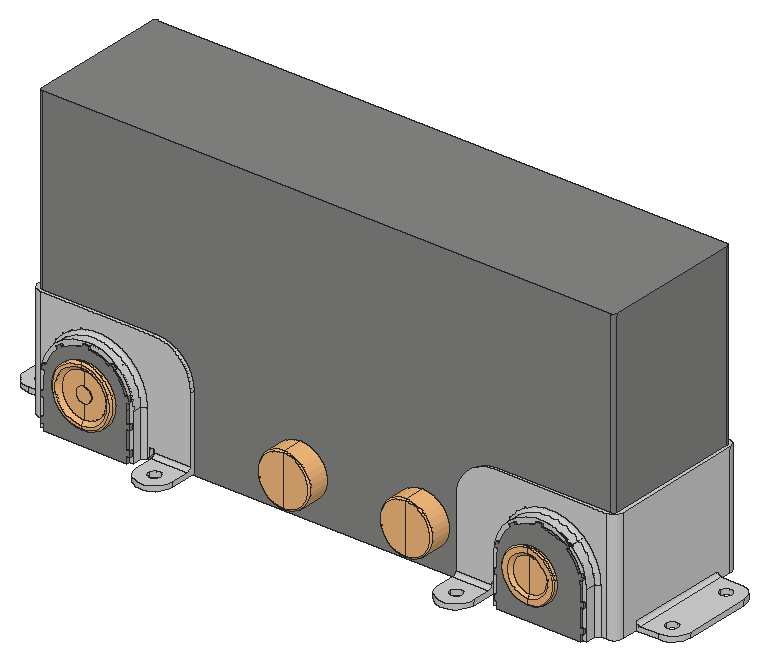
Revit family "Faucet-Valves_and_Controls-KALLISTA-P34724", category Plumbing Fixtures, host Face, Revit 2021
Family settings
  Host = Face
  Round Connector Dimension = Use Diameter
  Part Type = Normal
  OmniClass Number = 23.27.31.00
  OmniClass Title = Valves
  Cut with Voids When Loaded = No
  Shared = No
  Room Calculation Point = No
Parameters (values of type "NA-Stainless")
  Width = 13 245/256"  # constant formula
  WaterSense Certified = 1 = 0  # no
  Tempered Water Outlet 3 Up [instance] = yes
  Tempered Water Outlet 3 Down [instance] = not(Tempered Water Outlet 3 Up)  # no
  Tempered Water Outlet 3 = "Tempered Water Outlet 3"  # constant formula
  Tempered Water Outlet 2 Up [instance] = yes
  Tempered Water Outlet 2 Down [instance] = not(Tempered Water Outlet 2 Up)  # no
  Tempered Water Outlet 2 = "Tempered Water Outlet 2 "  # constant formula
  Tempered Water Outlet 1 = "Tempered Water Outlet 1 "  # constant formula
  Waste Connection = 1 = 0  # no
  Vent Connection = 1 = 0  # no
  URL = "https://www.kallista.com/"
  Type = 1
  Tempered Water Outlet 1 Up [instance] = yes
  Tempered Water Outlet 1 Down [instance] = not(Tempered Water Outlet 1 Up)  # no
  Product Page URL = ""
  Product Name = ""
  Product Documentation Link = ""
  Pressure = 60.00 psi  # constant formula
  Model = "P34724-00-NA"  # constant formula
  Material = "Premium Metal Construction"  # constant formula
  Master Format 2014 Name = "Control Valves"  # constant formula
  Master Format 2014 = "23 09 13.33"  # constant formula
  Manufacturer Address = "444 Highland Dr, Kohler, WI 53044"  # constant formula
  Manufacturer = "Kohler Co."  # constant formula
  Length = 6 13/128"  # constant formula
  Hot Water Inlet = "Hot Water Inlet"  # constant formula
  Height = 4 113/128"  # constant formula
  HW Connection = 1 = 1  # yes
  Flow Rate = 11 GPM  # constant formula
  Finish = Kallista-Metal-NA-Stainless
  Environmental Product Declaration = ""
  Description = "Recessed Thermostatic Valve 3 Outlet"  # constant formula
  Default Elevation = 36"
  Declare Label = ""
  Date Modified = "08/03/2022"  # constant formula
  Date Created = "08/03/2022"  # constant formula
  Copyright = "Copyright Kohler Co."  # constant formula
  Contact Us = "https://www.kallista.com/corporate/contact-us/"
  Cold Water Inlet = "Cold Water Inlet"  # constant formula
  CW Connection = 1 = 1  # yes
  Assembly Code = "D2020"
  ADA Compliant = 1 = 0  # no
Reference planes (in)
  plane 1 "Center (Front/Back)": y = 0
  plane 2: z = 0
  plane 3 "Center (Left/Right)": x = 0
  plane 4: y = 2.44094
  plane 5: y = -2.44188
  plane 6: y = -1.59449
  plane 7: y = 1.59449
  plane 8: y = 0.70866
  plane 9: y = -0.70866
  plane 10: y = 2.06693
  plane 11: y = -2.06693
  plane 12: z = -0.00088
  plane 13: z = -5.11811
  plane 14: z = -2.10633
  plane 15: z = -2.89343
  plane 16: y = 1.90957
  plane 17: y = 1.98819
  plane 18: y = -1.90853
  plane 19: y = -1.98819
  plane 20: z = -6.10156
  plane 21: x = -6.97835
  plane 22: x = 6.97868
  plane 23: x = -6.60433
  plane 24: x = 6.60433
  plane 25: x = -6.13189
  plane 26: x = -4.76867
  plane 27: x = -3.15945
  plane 28: x = -0.54134
  plane 29: x = 2.01772
  plane 30: x = 3.15944
  plane 31: x = 4.57677
  plane 32: x = 6.13189
  plane 33: z = -5.21661
  plane 34: y = 1.51575
  plane 35: y = 1.50754
  plane 36: x = -6.03346
  plane 37: y = -1.52435
  plane 38: x = 6.04037
Forms (in)
  Extrusion 1, void
    sketch origin (0, 0, 0) x (1, 0, 0) y (0, 1, 0)
      loop
        line (5.95852, 1.53199) -> (-5.96182, 1.53199)
        arc (-5.96182, 1.53199) -> (-6.02535, 1.50567) -> (-6.05167, 1.44214) r 0.08984
        line (-6.05167, 1.44214) -> (-6.05167, -1.44362)
        arc (-6.05167, -1.44362) -> (-6.02579, -1.50611) -> (-5.9633, -1.53199) r 0.08837
        line (-5.9633, -1.53199) -> (5.95852, -1.53199)
        arc (5.95852, -1.53199) -> (6.02205, -1.50567) -> (6.04837, -1.44214) r 0.08984
        line (6.04837, -1.44214) -> (6.04837, 1.44214)
        arc (6.04837, 1.44214) -> (6.02205, 1.50567) -> (5.95852, 1.53199) r 0.08984
    from 0 to -3.72055
  Extrusion 2, void
    sketch origin (0, 0, 0) x (1, 0, 0) y (0, 1, 0)
      loop
        line (-6.97835, 2.46949) -> (-6.97835, -2.45386) -> (6.97835, -2.45386) -> (6.97835, 2.46949) -> (-6.97835, 2.46949)
    from -3.72055 to -6.10244
Dimensions and locks (in)
  plane 9 to plane 8 = 1.41732"  (x2)
  plane 11 to plane 10 = 4.13386"
  level to plane 14 = 2.10633"
  level to plane 15 = 2.89343"
  "Height": plane 5 to plane 4
  "Length": level to plane 20
  "Width": plane 21 to plane 22
  plane 27 to plane 30 = 6.31889"
  plane 25 to plane 32 = 12.26378"
  aligned and locked: plane 2 to host face
  aligned and locked: level to host face
Automatic sketch dimensions
  host sketch curve to host sketch curve = 96"  (x2)
  plane 5 to Extrusion 2 sketch curve = 0.01199"
  Extrusion 2 sketch curve to plane 4 = 0.02855"
  plane 3 "Center (Left/Right)" to Extrusion 2 sketch curve = 6.97835"
  Extrusion 2 sketch curve to plane 3 "Center (Left/Right)" = 6.97835"
  plane 25 to Extrusion 1 sketch curve = 0.08022"
  Extrusion 1 sketch curve to Extrusion 1 sketch curve = 23/256"  (x2)
  plane 6 to Extrusion 1 sketch curve = 1/16"
  Extrusion 1 sketch curve to Extrusion 1 sketch curve = 0.08837"
  plane 7 to Extrusion 1 sketch curve = 1/16"
  Extrusion 1 sketch curve to plane 32 = 0.17337"  (x2)
Nested families (in)
  nested 1: "P34724" at (0, 0, -6.10244), type "P34724"
Connectors (in)
  piping at (-4.76867, -1.90938, -5.11819), diameter 0.75, driven by "Flow Rate", driven by "Pressure", driven by "HW Connection", driven by "Hot Water Inlet"
    settings: on nested 1, index 1, connector inside diameter 24", connector length 0", flow factor 0, pipe flow 11 GPM, pressure drop 60.00 psi, fitting loss kfactor 0, connector angle 0.00°, fixture units 0, engagement length 0", angle of deflection 0.00°, flow configuration 1, flow direction 1, fitting loss method 4, system type 19, joint type 0, gender type 0, connector reference index -1, connector utility 1, adjustable connector no, is connector primary yes, connector description "Hot Water Inlet"
  piping at (-4.76867, 1.90938, -5.11819), diameter 0.75, driven by "Flow Rate", driven by "Pressure", driven by "CW Connection", driven by "Cold Water Inlet"
    settings: on nested 1, index 2, connector inside diameter 24", connector length 0", flow factor 0, pipe flow 11 GPM, pressure drop 60.00 psi, fitting loss kfactor 0, connector angle 0.00°, fixture units 0, engagement length 0", angle of deflection 0.00°, flow configuration 1, flow direction 1, fitting loss method 4, system type 20, joint type 0, gender type 0, connector reference index -1, connector utility 1, adjustable connector no, is connector primary no, connector description "Cold Water Inlet"
  piping at (-0.54134, 1.9685, -5.21661), diameter 0.5, driven by "Flow Rate", driven by "Pressure", driven by "HW Connection", driven by "Tempered Water Outlet 1"
    settings: on nested 1, index 3, connector inside diameter 24", connector length 0", flow factor 0, pipe flow 11 GPM, pressure drop 60.00 psi, fitting loss kfactor 0, connector angle 0.00°, fixture units 0, engagement length 0", angle of deflection 0.00°, flow configuration 1, flow direction 2, fitting loss method 4, system type 19, joint type 0, gender type 0, connector reference index -1, connector utility 1, adjustable connector no, is connector primary no, connector description "Tempered Water Outlet 1 "
  piping at (2.01772, 1.9685, -5.21661), diameter 0.5, driven by "Flow Rate", driven by "Pressure", driven by "HW Connection", driven by "Tempered Water Outlet 2"
    settings: on nested 1, index 4, connector inside diameter 24", connector length 0", flow factor 0, pipe flow 11 GPM, pressure drop 60.00 psi, fitting loss kfactor 0, connector angle 0.00°, fixture units 0, engagement length 0", angle of deflection 0.00°, flow configuration 1, flow direction 2, fitting loss method 4, system type 19, joint type 0, gender type 0, connector reference index -1, connector utility 1, adjustable connector no, is connector primary no, connector description "Tempered Water Outlet 2 "
  piping at (4.57677, 1.90938, -5.21661), diameter 0.5, driven by "Flow Rate", driven by "Pressure", driven by "HW Connection", driven by "Tempered Water Outlet 3"
    settings: on nested 1, index 5, connector inside diameter 24", connector length 0", flow factor 0, pipe flow 11 GPM, pressure drop 60.00 psi, fitting loss kfactor 0, connector angle 0.00°, fixture units 0, engagement length 0", angle of deflection 0.00°, flow configuration 1, flow direction 2, fitting loss method 4, system type 19, joint type 0, gender type 0, connector reference index -1, connector utility 1, adjustable connector no, is connector primary no, connector description "Tempered Water Outlet 3"
Definition of nested family "P34724"
  Parameters (values of type "P34724")
    Top Connector 3 = yes
    Top Connector 2 = yes
    Top Connector 1 = yes
    Material = none
    Default Elevation = 0"
    Connector1 Angel = if(Top Connector 1, 0.00°, 180.00°)  # 0.00°
    Connector 3 Dist. = if(Top Connector 3, 0", 3.0315")  # 0"
    Connector 3 Angle = if(Top Connector 3, 0.00°, 180.00°)  # 0.00°
    Connector 2 Dist. = if(Top Connector 2, 3.0315", 0")  # 3.0315"
    Connector 2 Angel = if(Top Connector 2, 0.00°, 180.00°)  # 0.00°
    Connector 1 Dist. = if(Top Connector 1, 0", 3.0315")  # 0"
    Bottom Connetor 3 = not(Top Connector 3)  # no
    Bottom Connector 2 = not(Top Connector 2)  # no
    Bottom Connector 1 = not(Top Connector 1)  # no
  Reference planes (in)
    plane 1 "Center (Front/Back)": y = 0
    plane 2: z = 0
    plane 3 "Center (Left/Right)": x = 0
    plane 4: x = -6.97835
    plane 5: y = 2.44094
    plane 6: y = -2.44094
    plane 7: z = 6.10236
    plane 8 "2": x = 4.57677
    plane 9 "1": x = -4.76867
    plane 10: z = 0.98425
    plane 11 "A": z = 0.88583
    plane 12: y = 1.98819
    plane 13: y = -1.98819
    plane 14: x = -3.15945
    plane 15: y = 1.51575
    plane 16: y = -1.51575
    plane 17: x = 3.15944
    plane 18 "3": x = 2.01772
    plane 19: x = 6.97835
    plane 20: x = -0.54134
    plane 21 "c1": y = 1.51575
    plane 22 "C2": y = 1.51575
    plane 23 "c3": y = 1.51575
    plane 24: z = 0
    plane 25: y = 0.70866
    plane 26: y = -0.70866
    plane 27: x = -6.60433
    plane 28: x = 6.60433
    plane 29: y = 1.59449
    plane 30: y = -1.59449
    plane 31: x = -6.13189
    plane 32: x = 6.13189
    plane 33: z = 3.99606
    plane 34: z = 3.20866
    plane 35: x = -6.03346
    plane 36: y = 1.50754
    plane 37: y = -1.52435
    plane 38: x = 6.04037
  Forms (in)
    Extrusion 1, solid, detail levels medium+fine
      sketch origin (0, 0, 0) x (1, 0, 0) y (0, 1, 0)
        loop
          line (5.95472, 1.51575) -> (-5.95472, 1.51575)
          arc (-5.95472, 1.51575) -> (-6.0104, 1.49269) -> (-6.03346, 1.43701) r 0.07874
          line (-6.03346, 1.43701) -> (-6.03346, -1.43701)
          arc (-6.03346, -1.43701) -> (-6.0104, -1.49269) -> (-5.95472, -1.51575) r 0.07874
          line (-5.95472, -1.51575) -> (5.95472, -1.51575)
          arc (5.95472, -1.51575) -> (6.0104, -1.49269) -> (6.03346, -1.43701) r 0.07874
          line (6.03346, -1.43701) -> (6.03346, 1.43701)
          arc (6.03346, 1.43701) -> (6.0104, 1.49269) -> (5.95472, 1.51575) r 0.07874
      from 0 to 6.10236
    Extrusion 2, solid, material <- "Material", detail levels medium+fine
      sketch origin (0, 0, 0) x (1, 0, 0) y (0, 0, 1)
        loop
          line (-3.57283, 2.38189) -> (-6.13189, 2.38189) -> (-6.13189, 0.01969) -> (-3.70276, 0.01969)
          arc (-3.70276, 0.01969) -> (-3.66657, 0.03468) -> (-3.65157, 0.07087) r 0.05118
          line (-3.65157, 0.07087) -> (-3.65157, 0.2165)
          arc (-3.65157, 0.2165) -> (-3.59252, 0.27556) -> (-3.53346, 0.2165) r 0.05906
          line (-3.53346, 0.2165) -> (-3.53346, 0.01969) -> (-2.78543, 0.01969) -> (-2.78543, 1.59449)
          arc (-2.78543, 1.59449) -> (-3.01606, 2.15127) -> (-3.57283, 2.38189) r 0.7874
        loop
          arc (3.57283, 2.38189) -> (3.01606, 2.15127) -> (2.78543, 1.59449) r 0.7874
          line (2.78543, 1.59449) -> (2.78543, 0.01969) -> (3.53346, 0.01969) -> (3.53346, 0.2165)
          arc (3.53346, 0.2165) -> (3.59252, 0.27556) -> (3.65157, 0.2165) r 0.05906
          line (3.65157, 0.2165) -> (3.65157, 0.07087)
          arc (3.65157, 0.07087) -> (3.66657, 0.03468) -> (3.70276, 0.01969) r 0.05118
          line (3.70276, 0.01969) -> (6.13189, 0.01969) -> (6.13189, 2.38189) -> (3.57283, 2.38189)
      from -1.59449 to 1.59449
    Sweep 3, void
      path in 3D
        loop
          line (-6.13189, -1.59449, 2.38189) -> (-6.13189, -1.59449, 0.01969)
      profile origin (-6.13189, -1.59449, 1.20079) x (-1, 0, 0) y (0, -1, 0)
        loop
          line (0, -0.19685) -> (0, 0) -> (-0.19685, 0)
          arc (-0.19685, 0) -> (-0.05766, -0.05766) -> (0, -0.19685) r 0.19685
    Sweep 4, void
      path in 3D
        loop
          line (-6.13189, 1.59449, 2.38189) -> (-6.13189, 1.59449, 0.01969)
      profile origin (-6.13189, 1.59449, 1.20079) x (-1, 0, 0) y (0, -1, 0)
        loop
          arc (0, 0.19685) -> (-0.05766, 0.05766) -> (-0.19685, 0) r 0.19685
          line (-0.19685, 0) -> (0, 0) -> (0, 0.19685)
    Sweep 5, void
      path in 3D
        loop
          line (6.13189, -1.59449, 2.38189) -> (6.13189, -1.59449, 0.01969)
      profile origin (6.13189, -1.59449, 1.20079) x (1, 0, 0) y (0, 1, 0)
        loop
          arc (0, 0.19685) -> (-0.05766, 0.05766) -> (-0.19685, 0) r 0.19685
          line (-0.19685, 0) -> (0, 0) -> (0, 0.19685)
    Sweep 6, void
      path in 3D
        loop
          line (6.13189, 1.59449, 2.38189) -> (6.13189, 1.59449, 0.01969)
      profile origin (6.13189, 1.59449, 1.20079) x (1, 0, 0) y (0, 1, 0)
        loop
          line (0, -0.19685) -> (0, 0) -> (-0.19685, 0)
          arc (-0.19685, 0) -> (-0.05766, -0.05766) -> (0, -0.19685) r 0.19685
    Extrusion 7, solid, material <- "Material", detail levels medium+fine
      sketch origin (0, 0, 0) x (1, 0, 0) y (0, 1, 0)
        loop
          line (-6.13189, 1.06299) -> (-6.60433, 1.06299)
          arc (-6.60433, 1.06299) -> (-6.8688, 0.95345) -> (-6.97835, 0.68898) r 0.37402
          line (-6.97835, 0.68898) -> (-6.97835, -0.68898)
          arc (-6.97835, -0.68898) -> (-6.8688, -0.95345) -> (-6.60433, -1.06299) r 0.37402
          line (-6.60433, -1.06299) -> (-6.13189, -1.06299) -> (-6.13189, 1.06299)
        loop
          line (6.13189, 1.06299) -> (6.13189, -1.06299) -> (6.60433, -1.06299)
          arc (6.60433, -1.06299) -> (6.8688, -0.95345) -> (6.97835, -0.68898) r 0.37402
          line (6.97835, -0.68898) -> (6.97835, 0.68898)
          arc (6.97835, 0.68898) -> (6.8688, 0.95345) -> (6.60433, 1.06299) r 0.37402
          line (6.60433, 1.06299) -> (6.13189, 1.06299)
        loop
          circle (-6.60433, 0.70866) r 0.12598
        loop
          circle (-6.60433, -0.70866) r 0.12598
        loop
          circle (6.60433, 0.70866) r 0.12598
        loop
          circle (6.60433, -0.70866) r 0.12598
        loop
          arc (-3.53346, -2.06693) -> (-3.15945, -2.44094) -> (-2.78544, -2.06693) r 0.37401
          line (-2.78544, -2.06693) -> (-2.78544, -1.59449) -> (-3.53346, -1.59449) -> (-3.53346, -2.06693)
        loop
          line (3.53346, -2.06693) -> (3.53346, -1.59449) -> (2.78544, -1.59449) -> (2.78544, -2.06693)
          arc (2.78544, -2.06693) -> (3.15945, -2.44094) -> (3.53346, -2.06693) r 0.37401
        loop
          line (-3.53346, 2.06693) -> (-3.53346, 1.59449) -> (-2.78544, 1.59449) -> (-2.78544, 2.06693)
          arc (-2.78544, 2.06693) -> (-3.15945, 2.44094) -> (-3.53346, 2.06693) r 0.37401
        loop
          arc (3.53346, 2.06693) -> (3.15945, 2.44094) -> (2.78544, 2.06693) r 0.37401
          line (2.78544, 2.06693) -> (2.78544, 1.59449) -> (3.53346, 1.59449) -> (3.53346, 2.06693)
        loop
          circle (-3.15945, -2.06693) r 0.12598
        loop
          circle (3.15945, -2.06693) r 0.12598
        loop
          circle (-3.15945, 2.06693) r 0.12598
        loop
          circle (3.15945, 2.06693) r 0.12598
      from 0.01969 to 0.11811
    Extrusion 8, solid, material <- "Material", detail levels medium+fine
      sketch origin (1.27953, 0, 0) x (1, 0, 0) y (0, 0, 1)
        loop
          line (-5.05906, 0.01969) -> (-5.05906, 0.98689)
          arc (-5.05906, 0.98689) -> (-6.03346, 1.9613) -> (-7.00787, 0.98689) r 0.97441
          line (-7.00787, 0.98689) -> (-7.00787, 0.01969) -> (-5.05906, 0.01969)
        loop
          line (2.5, 0.99085) -> (2.5, 0.01969) -> (4.44882, 0.01969) -> (4.44882, 0.99085)
          arc (4.44882, 0.99085) -> (3.47441, 1.96526) -> (2.5, 0.99085) r 0.97441
      from -1.85039 to 1.85039
    Extrusion 9, solid, detail levels medium+fine
      sketch origin (-1.27953, 0, 0) x (1, 0, 0) y (0, 0, 1)
        loop
          line (-4.35039, 0.62992) -> (-4.35039, 0.25591) -> (-4.40945, 0.25591) -> (-4.40945, 0.1378) -> (-4.35039, 0.1378) -> (-4.35039, 0) -> (-2.59843, 0) -> (-2.59843, 0.1378) -> (-2.53937, 0.1378) -> (-2.53937, 0.25591) -> (-2.59843, 0.25591) -> (-2.59843, 0.62992) -> (-2.53937, 0.62992) -> (-2.53937, 0.74803) -> (-2.59843, 0.74803) -> (-2.59843, 0.98425)
          arc (-2.59843, 0.98425) -> (-2.60185, 1.06162) -> (-2.61209, 1.13839) r 0.87598
          line (-2.61209, 1.13839) -> (-2.55467, 1.15271) -> (-2.58324, 1.26731) -> (-2.64067, 1.25299)
          arc (-2.64067, 1.25299) -> (-2.73975, 1.46135) -> (-2.88979, 1.63661) r 0.87598
          line (-2.88979, 1.63661) -> (-2.85335, 1.68324) -> (-2.94643, 1.75596) -> (-2.98286, 1.70932)
          arc (-2.98286, 1.70932) -> (-3.18922, 1.81251) -> (-3.41535, 1.85824) r 0.87598
          line (-3.41535, 1.85824) -> (-3.41535, 1.91742) -> (-3.53346, 1.91742) -> (-3.53346, 1.85824)
          arc (-3.53346, 1.85824) -> (-3.7596, 1.81251) -> (-3.96596, 1.70932) r 0.87598
          line (-3.96596, 1.70932) -> (-4.00239, 1.75596) -> (-4.09546, 1.68324) -> (-4.05903, 1.63661)
          arc (-4.05903, 1.63661) -> (-4.20907, 1.46135) -> (-4.30815, 1.25299) r 0.87598
          line (-4.30815, 1.25299) -> (-4.36558, 1.26731) -> (-4.39415, 1.15271) -> (-4.33673, 1.13839)
          arc (-4.33673, 1.13839) -> (-4.34697, 1.06162) -> (-4.35039, 0.98425) r 0.87598
          line (-4.35039, 0.98425) -> (-4.35039, 0.74803) -> (-4.40945, 0.74803) -> (-4.40945, 0.62992) -> (-4.35039, 0.62992)
        loop
          line (5.15748, 0.62992) -> (5.15748, 0.25591) -> (5.09843, 0.25591) -> (5.09843, 0.1378) -> (5.15748, 0.1378) -> (5.15748, 0) -> (6.90945, 0) -> (6.90945, 0.1378) -> (6.9685, 0.1378) -> (6.9685, 0.25591) -> (6.90945, 0.25591) -> (6.90945, 0.62992) -> (6.9685, 0.62992) -> (6.9685, 0.74803) -> (6.90945, 0.74803) -> (6.90945, 0.98425)
          arc (6.90945, 0.98425) -> (6.90603, 1.06162) -> (6.89578, 1.13839) r 0.87598
          line (6.89578, 1.13839) -> (6.9532, 1.15271) -> (6.92463, 1.26731) -> (6.86721, 1.25299)
          arc (6.86721, 1.25299) -> (6.76813, 1.46135) -> (6.61808, 1.63661) r 0.87598
          line (6.61808, 1.63661) -> (6.65452, 1.68324) -> (6.56145, 1.75596) -> (6.52501, 1.70932)
          arc (6.52501, 1.70932) -> (6.31866, 1.81251) -> (6.09252, 1.85824) r 0.87598
          line (6.09252, 1.85824) -> (6.09252, 1.91742) -> (5.97441, 1.91742) -> (5.97441, 1.85824)
          arc (5.97441, 1.85824) -> (5.74827, 1.81251) -> (5.54192, 1.70932) r 0.87598
          line (5.54192, 1.70932) -> (5.50548, 1.75596) -> (5.41241, 1.68324) -> (5.44885, 1.63661)
          arc (5.44885, 1.63661) -> (5.2988, 1.46135) -> (5.19972, 1.25299) r 0.87598
          line (5.19972, 1.25299) -> (5.1423, 1.26731) -> (5.11372, 1.15271) -> (5.17115, 1.13839)
          arc (5.17115, 1.13839) -> (5.1609, 1.06162) -> (5.15748, 0.98425) r 0.87598
          line (5.15748, 0.98425) -> (5.15748, 0.74803) -> (5.09843, 0.74803) -> (5.09843, 0.62992) -> (5.15748, 0.62992)
        loop
          circle (-3.48914, 0.98425) r 0.54335
        loop
          circle (5.8563, 0.88583) r 0.41841
      from -1.92913 to 1.88976
    Revolve 10, solid, detail levels medium+fine
      sketch origin (-4.76867, 0, 0) x (0, 0, 1) y (0, -1, 0)
        loop
          line (1.5276, -1.98819) -> (1.58464, -1.98819) -> (1.62406, -1.94877) -> (1.62406, -1.51575) -> (0.98425, -1.51575) -> (0.98425, -1.90938) -> (1.44879, -1.90938) -> (1.5276, -1.98819)
        loop
          line (1.5276, 1.98819) -> (1.44879, 1.90938) -> (0.98425, 1.90938) -> (0.98425, 1.51575) -> (1.62406, 1.51575) -> (1.62406, 1.94877) -> (1.58464, 1.98819) -> (1.5276, 1.98819)
        axis (0.98425, -1.98819) -> (0.98425, 1.98819)
      angle from 0 to 360
    Revolve 11, solid, detail levels medium+fine
      sketch origin (4.57677, 0, 0) x (0, 0, -1) y (0, -1, 0)
        loop
          line (-1.43701, 1.94331) -> (-1.43701, 1.61417) -> (-0.88583, 1.61417) -> (-0.88583, 1.90938) -> (-1.24512, 1.90938) -> (-1.30424, 1.9685) -> (-1.41732, 1.9685) -> (-1.43701, 1.94331)
        loop
          line (-1.43701, -1.94331) -> (-1.41732, -1.9685) -> (-1.30424, -1.9685) -> (-1.24512, -1.90938) -> (-0.88583, -1.90938) -> (-0.88583, -1.61417) -> (-1.43701, -1.61417) -> (-1.43701, -1.94331)
        axis (-0.88583, 1.9685) -> (-0.88583, -1.9685)
      angle from 0 to 360
    Sweep 12, solid, detail levels medium+fine
      path in 3D
        loop
          line (3.77953, 1.59449, 0.01969) -> (3.77953, 1.59449, 0.99085)
          arc (3.77953, 1.59449, 0.99085) -> (4.75394, 1.59449, 1.96526) -> (5.72835, 1.59449, 0.99085) r 0.97441
          line (5.72835, 1.59449, 0.99085) -> (5.72835, 1.59449, 0.01969)
      profile origin (3.77953, 1.59449, 0.50527) x (0, 1, 0) y (-1, 0, 0)
        loop
          arc (0.07874, 0) -> (0.02306, 0.02306) -> (0, 0.07874) r 0.07874
          line (0, 0.07874) -> (0, 0) -> (0.07874, 0)
    Sweep 13, solid, detail levels medium+fine
      path in 3D
        loop
          line (-5.72835, -1.59449, 0.01969) -> (-5.72835, -1.59449, 0.99085)
          arc (-5.72835, -1.59449, 0.99085) -> (-4.75394, -1.59449, 1.96526) -> (-3.77953, -1.59449, 0.99085) r 0.97441
          line (-3.77953, -1.59449, 0.99085) -> (-3.77953, -1.59449, 0.01969)
      profile origin (-5.72835, -1.59449, 0.50527) x (0, 1, 0) y (-1, 0, 0)
        loop
          line (-0.07874, 0) -> (0, 0) -> (0, 0.07874)
          arc (0, 0.07874) -> (-0.02306, 0.02306) -> (-0.07874, 0) r 0.07874
    Sweep 14, solid, detail levels medium+fine
      path in 3D
        loop
          line (-5.72835, 1.59449, 0.01969) -> (-5.72835, 1.59449, 0.99085)
          arc (-5.72835, 1.59449, 0.99085) -> (-4.75394, 1.59449, 1.96526) -> (-3.77953, 1.59449, 0.99085) r 0.97441
          line (-3.77953, 1.59449, 0.99085) -> (-3.77953, 1.59449, 0.01969)
      profile origin (-5.72835, 1.59449, 0.50527) x (0, 1, 0) y (-1, 0, 0)
        loop
          arc (0.07874, 0) -> (0.02306, 0.02306) -> (0, 0.07874) r 0.07874
          line (0, 0.07874) -> (0, 0) -> (0.07874, 0)
    Extrusion 15, solid, material <- "Material", detail levels medium+fine
      sketch origin (0, 0, 0) x (0, 1, 0) y (0, 0, 1)
        loop
          line (-1.67323, 0.11811) -> (-1.59449, 0.11811) -> (-1.59449, 0.19685)
          arc (-1.59449, 0.19685) -> (-1.61755, 0.14117) -> (-1.67323, 0.11811) r 0.07874
        loop
          arc (1.67323, 0.11811) -> (1.61755, 0.14117) -> (1.59449, 0.19685) r 0.07874
          line (1.59449, 0.19685) -> (1.59449, 0.11811) -> (1.67323, 0.11811)
      from 2.78543 to 3.53346
    Extrusion 16, solid, material <- "Material", detail levels medium+fine
      sketch origin (0, 0, 0) x (0, 1, 0) y (0, 0, 1)
        loop
          line (-1.67323, 0.11811) -> (-1.59449, 0.11811) -> (-1.59449, 0.19685)
          arc (-1.59449, 0.19685) -> (-1.61755, 0.14117) -> (-1.67323, 0.11811) r 0.07874
        loop
          arc (1.67323, 0.11811) -> (1.61755, 0.14117) -> (1.59449, 0.19685) r 0.07874
          line (1.59449, 0.19685) -> (1.59449, 0.11811) -> (1.67323, 0.11811)
      from -3.53346 to -2.78543
    Extrusion 17, solid, detail levels coarse
      sketch origin (0, 0, 0) x (1, 0, 0) y (0, 1, 0)
        loop
          line (5.95541, 1.51575) -> (-5.9546, 1.51575)
          arc (-5.9546, 1.51575) -> (-6.01037, 1.49265) -> (-6.03346, 1.43688) r 0.07887
          line (-6.03346, 1.43688) -> (-6.03346, -1.43849)
          arc (-6.03346, -1.43849) -> (-6.01084, -1.49312) -> (-5.95621, -1.51575) r 0.07726
          line (-5.95621, -1.51575) -> (5.95403, -1.51575)
          arc (5.95403, -1.51575) -> (6.0102, -1.49248) -> (6.03346, -1.43632) r 0.07943
          line (6.03346, -1.43632) -> (6.03346, 1.43769)
          arc (6.03346, 1.43769) -> (6.0106, 1.49289) -> (5.95541, 1.51575) r 0.07805
      from 0 to 6.10236
    Extrusion 18, solid, detail levels coarse
      sketch origin (-1.27953, 0, 0) x (1, 0, 0) y (0, 0, 1)
        loop
          line (-2.59843, 0) -> (-2.59843, 0.9897)
          arc (-2.59843, 0.9897) -> (-3.47441, 1.86569) -> (-4.35039, 0.9897) r 0.87598
          line (-4.35039, 0.9897) -> (-4.35039, 0) -> (-2.59843, 0)
        loop
          line (6.90945, 0) -> (6.90945, 0.9897)
          arc (6.90945, 0.9897) -> (6.03346, 1.86569) -> (5.15748, 0.9897) r 0.87598
          line (5.15748, 0.9897) -> (5.15748, 0) -> (6.90945, 0)
      from -1.92913 to 1.88976
    Extrusion 19, solid, material <- "Material", detail levels coarse
      sketch origin (0, 0, 0) x (1, 0, 0) y (0, 1, 0)
        loop
          line (5.93504, 1.59449) -> (2.78543, 1.59449) -> (2.78543, 1.51575) -> (5.95604, 1.51575)
          arc (5.95604, 1.51575) -> (6.01079, 1.49307) -> (6.03346, 1.43833) r 0.07742
          line (6.03346, 1.43833) -> (6.03346, -1.44058)
          arc (6.03346, -1.44058) -> (6.01145, -1.49373) -> (5.9583, -1.51575) r 0.07517
          line (5.9583, -1.51575) -> (2.78543, -1.51575) -> (2.78543, -1.59449) -> (5.93504, -1.59449)
          arc (5.93504, -1.59449) -> (6.07423, -1.53683) -> (6.13189, -1.39764) r 0.19685
          line (6.13189, -1.39764) -> (6.13189, 1.39764)
          arc (6.13189, 1.39764) -> (6.07423, 1.53683) -> (5.93504, 1.59449) r 0.19685
        loop
          line (-6.13189, 1.39764) -> (-6.13189, -1.39764)
          arc (-6.13189, -1.39764) -> (-6.07423, -1.53683) -> (-5.93504, -1.59449) r 0.19685
          line (-5.93504, -1.59449) -> (-2.78543, -1.59449) -> (-2.78543, -1.51575) -> (-5.95526, -1.51575)
          arc (-5.95526, -1.51575) -> (-6.01056, -1.49284) -> (-6.03346, -1.43754) r 0.07821
          line (-6.03346, -1.43754) -> (-6.03346, 1.43698)
          arc (-6.03346, 1.43698) -> (-6.01039, 1.49268) -> (-5.9547, 1.51575) r 0.07877
          line (-5.9547, 1.51575) -> (-2.78543, 1.51575) -> (-2.78543, 1.59449) -> (-5.93504, 1.59449)
          arc (-5.93504, 1.59449) -> (-6.07423, 1.53683) -> (-6.13189, 1.39764) r 0.19685
      from 0 to 2.38189
    Extrusion 20, solid, material <- "Material", detail levels coarse
      sketch origin (0, 0, 0) x (1, 0, 0) y (0, 1, 0)
        loop
          line (-6.97835, -1.06299) -> (-6.13189, -1.06299) -> (-6.13189, 1.06299) -> (-6.97835, 1.06299) -> (-6.97835, -1.06299)
        loop
          line (-3.53346, 1.59449) -> (-2.78542, 1.59449) -> (-2.78542, 2.44094) -> (-3.53346, 2.44094) -> (-3.53346, 1.59449)
        loop
          line (2.78544, 1.59449) -> (3.53346, 1.59449) -> (3.53346, 2.44094) -> (2.78544, 2.44094) -> (2.78544, 1.59449)
        loop
          line (-3.53346, -1.59449) -> (-3.53346, -2.44094) -> (-2.78542, -2.44094) -> (-2.78542, -1.59449) -> (-3.53346, -1.59449)
        loop
          line (2.78544, -1.59449) -> (2.78544, -2.44094) -> (3.53346, -2.44094) -> (3.53346, -1.59449) -> (2.78544, -1.59449)
        loop
          line (6.97835, -1.06299) -> (6.97835, 1.06299) -> (6.13189, 1.06299) -> (6.13189, -1.06299) -> (6.97835, -1.06299)
        loop
          circle (-6.60433, 0.70866) r 0.12598
        loop
          circle (-6.60433, -0.70866) r 0.12598
        loop
          circle (-3.15944, 2.06693) r 0.12598
        loop
          circle (3.15946, 2.06693) r 0.12598
        loop
          circle (6.60433, 0.70866) r 0.12598
        loop
          circle (6.60433, -0.70866) r 0.12598
        loop
          circle (-3.15944, -2.06693) r 0.12598
        loop
          circle (3.15946, -2.06693) r 0.12598
      from 0.01969 to 0.11811
    Extrusion 21, solid, detail levels medium+fine
      sketch origin (-1.27953, 0, 0) x (1, 0, 0) y (0, 0, 1)
        loop
          circle (-3.48914, 0.98425) r 0.15748
      from -1.90938 to 1.90938
    Extrusion 22, solid, detail levels coarse
      sketch origin (1.27953, 0, 0) x (1, 0, 0) y (0, 0, 1)
        loop
          circle (-6.0482, 0.98425) r 0.63981
        loop
          circle (3.29724, 0.88583) r 0.55118
      from -1.98819 to 1.98819
    Extrusion 23, solid, material <- "Material", detail levels medium+fine
      sketch origin (0, 0, 0) x (1, 0, 0) y (0, 0, 1)
        loop
          line (-6.13189, 0.11811) -> (-6.13189, 0.19685)
          arc (-6.13189, 0.19685) -> (-6.15495, 0.14117) -> (-6.21063, 0.11811) r 0.07874
          line (-6.21063, 0.11811) -> (-6.13189, 0.11811)
        loop
          line (6.13189, 0.11811) -> (6.21063, 0.11811)
          arc (6.21063, 0.11811) -> (6.15495, 0.14117) -> (6.13189, 0.19685) r 0.07874
          line (6.13189, 0.19685) -> (6.13189, 0.11811)
      from -1.06299 to 1.06299
    Revolve 24, solid, detail levels medium+fine
      sketch origin (2.01772, 0, 0) x (0, 0, -1) y (0, -1, 0)
        loop
          line (-0.88583, 1.9685) -> (-1.40868, 1.9685) -> (-1.43701, 1.94018) -> (-1.43701, 1.51575) -> (-0.88583, 1.51575) -> (-0.88583, 1.9685)
        loop
          line (-0.88583, -1.9685) -> (-0.88583, -1.51575) -> (-1.43701, -1.51575) -> (-1.43701, -1.94018) -> (-1.40868, -1.9685) -> (-0.88583, -1.9685)
        axis (-0.88583, 1.9685) -> (-0.88583, -1.9685)
      angle from 0 to 360
    Sweep 25, solid, detail levels medium+fine
      path in 3D
        loop
          line (3.77953, -1.59449, 0.01969) -> (3.77953, -1.59449, 0.99085)
          arc (3.77953, -1.59449, 0.99085) -> (4.75394, -1.59449, 1.96526) -> (5.72835, -1.59449, 0.99085) r 0.97441
          line (5.72835, -1.59449, 0.99085) -> (5.72835, -1.59449, 0.01969)
      profile origin (3.77953, -1.59449, 0.50527) x (0, 1, 0) y (-1, 0, 0)
        loop
          line (-0.07874, 0) -> (0, 0) -> (0, 0.07874)
          arc (0, 0.07874) -> (-0.02306, 0.02306) -> (-0.07874, 0) r 0.07874
    Extrusion 26, solid, detail levels coarse
      sketch origin (0, 0, 0) x (1, 0, 0) y (0, 0, 1)
        loop
          circle (2.01772, 0.88583) r 0.55118
        loop
          circle (-0.54134, 0.88583) r 0.55118
      from -1.9685 to 1.9685
    Revolve 27, solid, detail levels medium+fine
      sketch origin (-0.54134, 0, 0) x (0, 0, -1) y (0, -1, 0)
        loop
          line (-0.88583, 1.9685) -> (-1.40868, 1.9685) -> (-1.43701, 1.94018) -> (-1.43701, 1.51575) -> (-0.88583, 1.51575) -> (-0.88583, 1.9685)
        loop
          line (-0.88583, -1.9685) -> (-0.88583, -1.51575) -> (-1.43701, -1.51575) -> (-1.43701, -1.94018) -> (-1.40868, -1.9685) -> (-0.88583, -1.9685)
        axis (-0.88583, 1.9685) -> (-0.88583, -1.9685)
      angle from 0 to 360
    Revolve 28, solid, detail levels medium+fine
      sketch origin (-0.54134, 2.69685, 0.88583) x (0, -1, 0) y (1, 0, 0)
        loop
          line (0.72835, 0) -> (0.72835, -0.15748) -> (0.98013, -0.15748) -> (0.98013, 0) -> (0.72835, 0)
        axis (0.72835, 0) -> (0.98013, 0)
      angle from 0 to 360
    Revolve 29, solid, detail levels medium+fine
      sketch origin (2.01772, 2.8937, 0.88583) x (0, -1, 0) y (1, 0, 0)
        loop
          line (0.9252, 0) -> (1.29589, 0) -> (1.29589, 0.15748) -> (0.9252, 0.15748) -> (0.9252, 0)
        axis (0.9252, 0) -> (1.29589, 0)
      angle from 0 to 360
    Revolve 30, solid, detail levels medium+fine
      sketch origin (4.57677, 2.15014, 0.88583) x (0, -1, 0) y (1, 0, 0)
        loop
          line (0.24076, 0) -> (0.63446, 0) -> (0.63446, 0.15748) -> (0.24076, 0.15748) -> (0.24076, 0)
        axis (0.24076, 0) -> (0.63446, 0)
      angle from 0 to 360
    Extrusion 31, solid, detail levels medium+fine
      sketch origin (-2.55845, 0.00609, 0.00301) x (1, 0, 0) y (0, 0, 1)
        loop
          circle (-2.20961, 0.98425) r 0.15748
      from -1.90938 to 1.90938
  Cuts and joins
    joined: Extrusion 1, Extrusion 9
    joined: Revolve 10, Revolve 11, Revolve 24
    joined: Sweep 12, Sweep 13, Sweep 14
    Sweep 3, Sweep 4, Sweep 5, Sweep 6 cuts Extrusion 2
    joined: Extrusion 2, Extrusion 7, Extrusion 8, Extrusion 15, Extrusion 16, Extrusion 23
    joined: Extrusion 17, Extrusion 18
    joined: Extrusion 19, Extrusion 20
    joined: Extrusion 22, Extrusion 26
  Lines and regions (in)
    Masking region 1, detail levels medium+fine
      outline origin (0, 0, 0) x (1, 0, 0) y (0, 0, 1)
        loop
          line (-6.03346, 6.10236) -> (-6.03346, 3.99606) -> (-6.00588, 3.98014) -> (-6.03346, 3.96421) -> (-6.03346, 3.20866) -> (-6.00528, 3.19552) -> (-6.03346, 3.17924) -> (-6.03346, 2.38189) -> (-6.13189, 2.38189) -> (-6.13189, 0.19685)
          arc (-6.13189, 0.19685) -> (-6.15495, 0.14117) -> (-6.21063, 0.11811) r 0.07874
          line (-6.21063, 0.11811) -> (-6.97835, 0.11811) -> (-6.97835, 0.01969) -> (-6.05959, 0.01969) -> (-6.03346, 0) -> (6.03346, 0) -> (6.05959, 0.01969) -> (6.97835, 0.01969) -> (6.97835, 0.11811) -> (6.21063, 0.11811)
          arc (6.21063, 0.11811) -> (6.15495, 0.14117) -> (6.13189, 0.19685) r 0.07874
          line (6.13189, 0.19685) -> (6.13189, 2.38189) -> (6.03346, 2.38189) -> (6.03346, 3.17924) -> (6.00528, 3.19552) -> (6.03346, 3.20866) -> (6.03346, 3.96421) -> (6.00588, 3.98014) -> (6.03346, 3.99606) -> (6.03346, 6.10236) -> (-6.03346, 6.10236)
    Masking region 2
      outline origin (0, 0, 0) x (1, 0, 0) y (0, 1, 0)
        loop
          arc (-5.95462, 1.50754) -> (-6.0103, 1.48447) -> (-6.03336, 1.42879) r 0.07874
          line (-6.03336, 1.42879) -> (-6.03346, -1.44522)
          arc (-6.03346, -1.44522) -> (-6.0103, -1.50129) -> (-5.95462, -1.52435) r 0.07874
          line (-5.95462, -1.52435) -> (5.96163, -1.52435)
          arc (5.96163, -1.52435) -> (6.01731, -1.50129) -> (6.04037, -1.44561) r 0.07874
          line (6.04037, -1.44561) -> (6.04037, 1.42879)
          arc (6.04037, 1.42879) -> (6.01731, 1.48447) -> (5.96163, 1.50754) r 0.07874
          line (5.96163, 1.50754) -> (-5.95462, 1.50754)
    Masking region 3
      outline origin (4.57677, 0, 0) x (0, 0, -1) y (0, -1, 0)
        loop
          line (-6.10236, -1.51575) -> (-3.99648, -1.51575) -> (-3.97862, -1.48717) -> (-3.95695, -1.51575) -> (-3.2092, -1.51575) -> (-3.18939, -1.49214) -> (-3.16852, -1.51575) -> (-2.38189, -1.51575) -> (-2.38189, -1.59463) -> (-2.03804, -1.59463)
          arc (-2.03804, -1.59463) -> (-1.98236, -1.6177) -> (-1.9593, -1.67337) r 0.07874
          line (-1.9593, -1.67337) -> (-1.9593, -1.85039) -> (-1.91925, -1.85039) -> (-1.91925, -1.92913) -> (-1.64369, -1.92913) -> (-1.58464, -1.98819) -> (-0.38387, -1.98819) -> (-0.35433, -1.9685) -> (-0.32357, -1.92913) -> (-0.11811, -1.92913) -> (-0.11811, -2.44094) -> (-0.01969, -2.44094) -> (-0.01969, -1.95526) -> (0, -1.92913) -> (0, 1.92913) -> (-0.01969, 1.95526) -> (-0.01969, 2.44094) -> (-0.11811, 2.44094) -> (-0.11811, 1.88976) -> (-0.33465, 1.88976) -> (-0.33465, 1.94331) -> (-0.38387, 1.98819) -> (-1.58464, 1.98819) -> (-1.62406, 1.94331) -> (-1.62406, 1.88976) -> (-1.91742, 1.88976) -> (-1.91742, 1.85039) -> (-1.96526, 1.85039) -> (-1.96526, 1.67323)
          arc (-1.96526, 1.67323) -> (-1.98832, 1.61755) -> (-2.044, 1.59449) r 0.07874
          line (-2.044, 1.59449) -> (-2.38189, 1.59449) -> (-2.38189, 1.51575) -> (-3.16852, 1.51575) -> (-3.18939, 1.49214) -> (-3.2092, 1.51575) -> (-3.95695, 1.51575) -> (-3.97862, 1.48717) -> (-3.99648, 1.51575) -> (-6.10236, 1.51575) -> (-6.10236, -1.51575)
    sketch lines
      curve 1: line (-6.13189, -1.59449, 2.38189) -> (-6.13189, -1.59449, 0.01969)
      curve 2: line (-6.13189, 1.59449, 2.38189) -> (-6.13189, 1.59449, 0.01969)
      curve 3: line (6.13189, -1.59449, 2.38189) -> (6.13189, -1.59449, 0.01969)
      curve 4: line (6.13189, 1.59449, 2.38189) -> (6.13189, 1.59449, 0.01969)
      curve 5: line (3.77953, 1.59449, 0.01969) -> (3.77953, 1.59449, 0.99085)
      curve 6: arc (5.72835, 1.59449, 0.99085) -> (4.75394, 1.59449, 1.96526) -> (3.77953, 1.59449, 0.99085) r 0.97441
      curve 7: line (5.72835, 1.59449, 0.99085) -> (5.72835, 1.59449, 0.01969)
      curve 8: line (-5.72835, -1.59449, 0.01969) -> (-5.72835, -1.59449, 0.99085)
      curve 9: arc (-3.77953, -1.59449, 0.99085) -> (-4.75394, -1.59449, 1.96526) -> (-5.72835, -1.59449, 0.99085) r 0.97441
      curve 10: line (-3.77953, -1.59449, 0.99085) -> (-3.77953, -1.59449, 0.01969)
      curve 11: line (-5.72835, 1.59449, 0.01969) -> (-5.72835, 1.59449, 0.99085)
      curve 12: arc (-3.77953, 1.59449, 0.99085) -> (-4.75394, 1.59449, 1.96526) -> (-5.72835, 1.59449, 0.99085) r 0.97441
      curve 13: line (-3.77953, 1.59449, 0.99085) -> (-3.77953, 1.59449, 0.01969)
      curve 145: line (3.77953, -1.59449, 0.01969) -> (3.77953, -1.59449, 0.99085)
      curve 146: arc (5.72835, -1.59449, 0.99085) -> (4.75394, -1.59449, 1.96526) -> (3.77953, -1.59449, 0.99085) r 0.97441
      curve 147: line (5.72835, -1.59449, 0.99085) -> (5.72835, -1.59449, 0.01969)
    symbolic lines, detail levels medium+fine
      curve 14: line (-3.57283, 0, 2.38189) -> (-6.13189, 0, 2.38189)
      curve 15: arc (-2.78543, 0, 1.59449) -> (-3.01606, 0, 2.15127) -> (-3.57283, 0, 2.38189) r 0.7874
      curve 16: line (-2.78543, 0, 0.01969) -> (-2.78543, 0, 1.59449)
      curve 17: arc (-3.65157, 0, 0.2165) -> (-3.59252, 0, 0.27556) -> (-3.53346, 0, 0.2165) r 0.05906
      curve 18: line (-3.53346, 0, 0.2165) -> (-3.53346, 0, 0.01969)
      curve 19: line (-3.65157, 0, 0.07087) -> (-3.65157, 0, 0.2165)
      curve 20: arc (-3.70276, 0, 0.01969) -> (-3.66657, 0, 0.03468) -> (-3.65157, 0, 0.07087) r 0.05118
      curve 21: line (-3.53346, 0, 0.01969) -> (-2.78543, 0, 0.01969)
      curve 22: line (-2.78543, 0, 0.11811) -> (-3.53346, 0, 0.11811)
      curve 23: line (-3.70276, 0, 0.01969) -> (-3.87795, 0, 0.01969)
      curve 24: line (-5.62992, 0, 0.01969) -> (-6.47835, 0, 0.01969)
      curve 25: arc (-4.76867, 0, 0.51971) -> (-5.23321, 0, 0.98425) -> (-4.76867, 0, 1.44879) r 0.46454
      curve 26: arc (-4.76867, 0, 0.4409) -> (-5.31202, 0, 0.98425) -> (-4.76867, 0, 1.5276) r 0.54335
      curve 27: arc (-4.76867, 0, 1.58464) -> (-5.36905, 0, 0.98425) -> (-4.76867, 0, 0.38387) r 0.60038
      curve 28: arc (-4.76867, 0, 1.62406) -> (-5.40848, 0, 0.98425) -> (-4.76867, 0, 0.34445) r 0.63981
      curve 29: arc (-4.76867, 0, 0.34445) -> (-4.12886, 0, 0.98425) -> (-4.76867, 0, 1.62406) r 0.63981
      curve 30: arc (-4.76867, 0, 0.38387) -> (-4.16829, 0, 0.98425) -> (-4.76867, 0, 1.58464) r 0.60038
      curve 31: arc (-4.76867, 0, 1.5276) -> (-4.22532, 0, 0.98425) -> (-4.76867, 0, 0.4409) r 0.54335
      curve 32: arc (-4.76867, 0, 1.44879) -> (-4.30413, 0, 0.98425) -> (-4.76867, 0, 0.51971) r 0.46454
      curve 33: line (-5.62992, 0, 0.1378) -> (-5.62992, 0, 0)
      curve 34: line (-5.68898, 0, 0.1378) -> (-5.62992, 0, 0.1378)
      curve 35: line (-5.68898, 0, 0.25591) -> (-5.68898, 0, 0.1378)
      curve 36: line (-5.62992, 0, 0.25591) -> (-5.68898, 0, 0.25591)
      curve 37: line (-5.62992, 0, 0.62992) -> (-5.62992, 0, 0.25591)
      curve 38: line (-5.68898, 0, 0.62992) -> (-5.62992, 0, 0.62992)
      curve 39: line (-5.68898, 0, 0.74803) -> (-5.68898, 0, 0.62992)
      curve 40: line (-5.62992, 0, 0.74803) -> (-5.68898, 0, 0.74803)
      curve 41: line (-5.62992, 0, 0.98425) -> (-5.62992, 0, 0.74803)
      curve 42: arc (-5.61625, 0, 1.13839) -> (-5.6265, 0, 1.06162) -> (-5.62992, 0, 0.98425) r 0.87598
      curve 43: line (-5.6451, 0, 1.26731) -> (-5.67368, 0, 1.15271)
      curve 44: line (-5.58768, 0, 1.25299) -> (-5.6451, 0, 1.26731)
      curve 45: line (-5.67368, 0, 1.15271) -> (-5.61625, 0, 1.13839)
      curve 46: arc (-5.33856, 0, 1.63661) -> (-5.4886, 0, 1.46135) -> (-5.58768, 0, 1.25299) r 0.87598
      curve 47: line (-5.37499, 0, 1.68324) -> (-5.33856, 0, 1.63661)
      curve 48: line (-5.28192, 0, 1.75596) -> (-5.37499, 0, 1.68324)
      curve 49: line (-5.24548, 0, 1.70932) -> (-5.28192, 0, 1.75596)
      curve 50: arc (-4.81299, 0, 1.85824) -> (-5.03913, 0, 1.81251) -> (-5.24548, 0, 1.70932) r 0.87598
      curve 51: line (-4.81299, 0, 1.91742) -> (-4.81299, 0, 1.85824)
      curve 52: line (-4.69488, 0, 1.91742) -> (-4.81299, 0, 1.91742)
      curve 53: line (-4.69488, 0, 1.85824) -> (-4.69488, 0, 1.91742)
      curve 54: arc (-4.26239, 0, 1.70932) -> (-4.46874, 0, 1.81251) -> (-4.69488, 0, 1.85824) r 0.87598
      curve 55: line (-4.13288, 0, 1.68324) -> (-4.22595, 0, 1.75596)
      curve 56: line (-4.22595, 0, 1.75596) -> (-4.26239, 0, 1.70932)
      curve 57: line (-4.16932, 0, 1.63661) -> (-4.13288, 0, 1.68324)
      curve 58: arc (-3.92019, 0, 1.25299) -> (-4.01927, 0, 1.46135) -> (-4.16932, 0, 1.63661) r 0.87598
      curve 59: line (-3.89162, 0, 1.13839) -> (-3.8342, 0, 1.15271)
      curve 60: line (-3.8342, 0, 1.15271) -> (-3.86277, 0, 1.26731)
      curve 61: line (-3.86277, 0, 1.26731) -> (-3.92019, 0, 1.25299)
      curve 62: arc (-3.87795, 0, 0.98425) -> (-3.88138, 0, 1.06162) -> (-3.89162, 0, 1.13839) r 0.87598
      curve 63: line (-5.72835, 0, 0.98689) -> (-5.72835, 0, 0.01969)
      curve 64: line (-5.80709, 0, 0.99085) -> (-5.80709, 0, 0.01969)
      curve 65: arc (-5.80709, 0, 0.99085) -> (-4.75394, 0, 2.044) -> (-3.70079, 0, 0.99085) r 1.05315
      curve 66: arc (-3.77953, 0, 0.98689) -> (-4.75394, 0, 1.9613) -> (-5.72835, 0, 0.98689) r 0.97441
      curve 67: line (-6.13189, 0, 2.38189) -> (-6.13189, 0, 0.01969)
      curve 68: line (-3.87795, 0, 0.1378) -> (-3.87795, 0, 0)
      curve 69: line (-3.8189, 0, 0.1378) -> (-3.87795, 0, 0.1378)
      curve 70: line (-3.8189, 0, 0.25591) -> (-3.8189, 0, 0.1378)
      curve 71: line (-3.87795, 0, 0.25591) -> (-3.8189, 0, 0.25591)
      curve 72: line (-3.87795, 0, 0.62992) -> (-3.87795, 0, 0.25591)
      curve 73: line (-3.8189, 0, 0.62992) -> (-3.87795, 0, 0.62992)
      curve 74: line (-3.8189, 0, 0.74803) -> (-3.8189, 0, 0.62992)
      curve 75: line (-3.87795, 0, 0.74803) -> (-3.8189, 0, 0.74803)
      curve 76: line (-3.87795, 0, 0.98425) -> (-3.87795, 0, 0.74803)
      curve 77: line (-3.77953, 0, 0.98689) -> (-3.77953, 0, 0.01969)
      curve 78: line (-3.70079, 0, 0.99085) -> (-3.70079, 0, 0.01972)
      curve 79: line (3.57283, 0, 2.38189) -> (6.13189, 0, 2.38189)
      curve 80: arc (2.78543, 0, 1.59449) -> (3.01606, 0, 2.15127) -> (3.57283, 0, 2.38189) r 0.7874
      curve 81: line (2.78543, 0, 0.01969) -> (2.78543, 0, 1.59449)
      curve 82: arc (3.65157, 0, 0.2165) -> (3.59252, 0, 0.27556) -> (3.53346, 0, 0.2165) r 0.05906
      curve 83: line (3.53346, 0, 0.2165) -> (3.53346, 0, 0.01969)
      curve 84: line (3.65157, 0, 0.07087) -> (3.65157, 0, 0.2165)
      curve 85: arc (3.70276, 0, 0.01969) -> (3.66657, 0, 0.03468) -> (3.65157, 0, 0.07087) r 0.05118
      curve 86: line (3.53346, 0, 0.01969) -> (2.78543, 0, 0.01969)
      curve 87: line (2.78543, 0, 0.11811) -> (3.53346, 0, 0.11811)
      curve 88: line (3.70276, 0, 0.01969) -> (3.87795, 0, 0.01969)
      curve 89: line (5.62992, 0, 0.01969) -> (6.45504, 0, 0.01969)
      curve 90: line (5.62992, 0, 0.1378) -> (5.62992, 0, 0)
      curve 91: line (5.68898, 0, 0.1378) -> (5.62992, 0, 0.1378)
      curve 92: line (5.68898, 0, 0.25591) -> (5.68898, 0, 0.1378)
      curve 93: line (5.62992, 0, 0.25591) -> (5.68898, 0, 0.25591)
      curve 94: line (5.62992, 0, 0.62992) -> (5.62992, 0, 0.25591)
      curve 95: line (5.68898, 0, 0.62992) -> (5.62992, 0, 0.62992)
      curve 96: line (5.68898, 0, 0.74803) -> (5.68898, 0, 0.62992)
      curve 97: line (5.62992, 0, 0.74803) -> (5.68898, 0, 0.74803)
      curve 98: line (5.62992, 0, 0.98425) -> (5.62992, 0, 0.74803)
      curve 99: arc (5.61625, 0, 1.13839) -> (5.6265, 0, 1.06162) -> (5.62992, 0, 0.98425) r 0.87598
      curve 100: line (5.6451, 0, 1.26731) -> (5.67368, 0, 1.15271)
      curve 101: line (5.58768, 0, 1.25299) -> (5.6451, 0, 1.26731)
      curve 102: line (5.67368, 0, 1.15271) -> (5.61625, 0, 1.13839)
      curve 103: arc (5.33856, 0, 1.63661) -> (5.4886, 0, 1.46135) -> (5.58768, 0, 1.25299) r 0.87598
      curve 104: line (5.37499, 0, 1.68324) -> (5.33856, 0, 1.63661)
      curve 105: line (5.28192, 0, 1.75596) -> (5.37499, 0, 1.68324)
      curve 106: line (5.24548, 0, 1.70932) -> (5.28192, 0, 1.75596)
      curve 107: arc (4.81299, 0, 1.85824) -> (5.03913, 0, 1.81251) -> (5.24548, 0, 1.70932) r 0.87598
      curve 108: line (4.81299, 0, 1.91742) -> (4.81299, 0, 1.85824)
      curve 109: line (4.69488, 0, 1.91742) -> (4.81299, 0, 1.91742)
      curve 110: line (4.69488, 0, 1.85824) -> (4.69488, 0, 1.91742)
      curve 111: arc (4.26239, 0, 1.70932) -> (4.46874, 0, 1.81251) -> (4.69488, 0, 1.85824) r 0.87598
      curve 112: line (4.13288, 0, 1.68324) -> (4.22595, 0, 1.75596)
      curve 113: line (4.22595, 0, 1.75596) -> (4.26239, 0, 1.70932)
      curve 114: line (4.16932, 0, 1.63661) -> (4.13288, 0, 1.68324)
      curve 115: arc (3.92019, 0, 1.25299) -> (4.01927, 0, 1.46135) -> (4.16932, 0, 1.63661) r 0.87598
      curve 116: line (3.89162, 0, 1.13839) -> (3.8342, 0, 1.15271)
      curve 117: line (3.8342, 0, 1.15271) -> (3.86277, 0, 1.26731)
      curve 118: line (3.86277, 0, 1.26731) -> (3.92019, 0, 1.25299)
      curve 119: arc (3.87795, 0, 0.98425) -> (3.88138, 0, 1.06162) -> (3.89162, 0, 1.13839) r 0.87598
      curve 120: line (5.72835, 0, 0.98689) -> (5.72835, 0, 0.01969)
      curve 121: line (5.80709, 0, 0.99085) -> (5.80709, 0, 0.01969)
      curve 122: arc (5.80709, 0, 0.99085) -> (4.75394, 0, 2.044) -> (3.70079, 0, 0.99085) r 1.05315
      curve 123: arc (3.77953, 0, 0.98689) -> (4.75394, 0, 1.9613) -> (5.72835, 0, 0.98689) r 0.97441
      curve 124: line (6.13189, 0, 2.38189) -> (6.13189, 0, 0.01969)
      curve 125: line (3.87795, 0, 0.1378) -> (3.87795, 0, 0)
      curve 126: line (3.8189, 0, 0.1378) -> (3.87795, 0, 0.1378)
      curve 127: line (3.8189, 0, 0.25591) -> (3.8189, 0, 0.1378)
      curve 128: line (3.87795, 0, 0.25591) -> (3.8189, 0, 0.25591)
      curve 129: line (3.87795, 0, 0.62992) -> (3.87795, 0, 0.25591)
      curve 130: line (3.8189, 0, 0.62992) -> (3.87795, 0, 0.62992)
      curve 131: line (3.8189, 0, 0.74803) -> (3.8189, 0, 0.62992)
      curve 132: line (3.87795, 0, 0.74803) -> (3.8189, 0, 0.74803)
      curve 133: line (3.87795, 0, 0.98425) -> (3.87795, 0, 0.74803)
      curve 134: line (3.77953, 0, 0.98689) -> (3.77953, 0, 0.01969)
      curve 135: line (3.70079, 0, 0.99085) -> (3.70079, 0, 0.01972)
      curve 136: arc (4.57677, 0, 1.43701) -> (5.12795, 0, 0.88583) -> (4.57677, 0, 0.33465) r 0.55118
      curve 137: arc (4.57677, 0, 0.35433) -> (5.10827, 0, 0.88583) -> (4.57677, 0, 1.41732) r 0.5315
      curve 138: arc (4.57677, 0, 0.46741) -> (4.99519, 0, 0.88583) -> (4.57677, 0, 1.30424) r 0.41841
      curve 139: arc (4.57677, 0, 0.52654) -> (4.93606, 0, 0.88583) -> (4.57677, 0, 1.24512) r 0.35929
      curve 140: arc (4.57677, 0, 1.24512) -> (4.21748, 0, 0.88583) -> (4.57677, 0, 0.52654) r 0.35929
      curve 141: arc (4.57677, 0, 1.30424) -> (4.15836, 0, 0.88583) -> (4.57677, 0, 0.46741) r 0.41841
      curve 142: arc (4.57677, 0, 1.41732) -> (4.04528, 0, 0.88583) -> (4.57677, 0, 0.35433) r 0.5315
      curve 143: arc (4.57677, 0, 0.33465) -> (4.02559, 0, 0.88583) -> (4.57677, 0, 1.43701) r 0.55118
      curve 144: line (-6.03346, 0, 5.72835) -> (6.03346, 0, 5.72835)
      curve 148: arc (2.01772, 0, 1.43701) -> (2.5689, 0, 0.88583) -> (2.01772, 0, 0.33465) r 0.55118
      curve 149: arc (2.01772, 0, 1.40868) -> (2.54057, 0, 0.88583) -> (2.01772, 0, 0.36297) r 0.52285
      curve 150: arc (2.01772, 0, 0.36297) -> (1.49486, 0, 0.88583) -> (2.01772, 0, 1.40868) r 0.52285
      curve 151: arc (2.01772, 0, 0.33465) -> (1.46654, 0, 0.88583) -> (2.01772, 0, 1.43701) r 0.55118
      curve 152: arc (-0.54134, 0, 1.43701) -> (0.00984, 0, 0.88583) -> (-0.54134, 0, 0.33465) r 0.55118
      curve 153: arc (-0.54134, 0, 1.40868) -> (-0.01848, 0, 0.88583) -> (-0.54134, 0, 0.36297) r 0.52285
      curve 154: arc (-0.54134, 0, 0.36297) -> (-1.06419, 0, 0.88583) -> (-0.54134, 0, 1.40868) r 0.52285
      curve 155: arc (-0.54134, 0, 0.33465) -> (-1.09252, 0, 0.88583) -> (-0.54134, 0, 1.43701) r 0.55118
      curve 159: line (-3.53346, 0, 0.2165) -> (-2.78543, 0, 0.2165)
      curve 160: line (-5.62992, 0, 0.0689) -> (-5.72835, 0, 0.0689)
      curve 161: line (3.53346, 0, 0.19685) -> (2.78543, 0, 0.19685)
      curve 162: line (5.62992, 0, 0.0689) -> (5.72835, 0, 0.0689)
      curve 163: line (6.21063, 0, 0.11811) -> (6.21063, 0, 0.01969)
      curve 164: line (6.45504, 0, 0.11811) -> (6.45504, 0, 0.01969)
      curve 165: line (6.15495, 0, 0.14117) -> (6.13189, 0, 0.05038)
      curve 166: line (-6.21063, 0, 0.11811) -> (-6.21063, 0, 0.01969)
      curve 167: line (-6.15495, 0, 0.14117) -> (-6.13189, 0, 0.0551)
      curve 168: line (-6.47835, 0, 0.11811) -> (-6.47835, 0, 0.01969)
      curve 169: line (-6.03346, 0, 3.99606) -> (6.03346, 0, 3.99606)
      curve 170: line (6.03346, 0, 3.96421) -> (-6.03346, 0, 3.96421)
      curve 171: line (-6.00588, 0, 3.98014) -> (6.00588, 0, 3.98014)
      curve 172: line (6.03346, 0, 3.20866) -> (-6.03346, 0, 3.20866)
      curve 173: line (-6.03346, 0, 3.17924) -> (6.03346, 0, 3.17924)
      curve 174: line (6.00528, 0, 3.19552) -> (-6.00528, 0, 3.19552)
      curve 175: line (-3.87795, 0, 0.0689) -> (-3.77953, 0, 0.0689)
      curve 176: line (3.87795, 0, 0.0689) -> (3.77953, 0, 0.0689)
      curve 177: line (-5.62992, 0, 0.98425) -> (-5.80674, 0, 0.98425)
      curve 178: line (-3.87795, 0, 0.98425) -> (-3.70079, 0, 0.98425)
      curve 179: line (3.87795, 0, 0.88583) -> (3.70079, 0, 0.88583)
      curve 180: line (5.62992, 0, 0.88583) -> (5.80709, 0, 0.88583)
      curve 181: line (-5.12283, 0, 1.28724) -> (-4.53227, 0, 1.28724)
      curve 182: arc (-4.53227, 0, 1.28724) -> (-4.47493, 0, 1.27233) -> (-4.43211, 0, 1.23137) r 0.11773
      curve 183: line (-4.43211, 0, 1.23137) -> (-4.398, 0, 1.15822)
      curve 184: arc (-4.398, 0, 1.15822) -> (-4.36579, 0, 1.1207) -> (-4.31877, 0, 1.10536) r 0.09169
      curve 185: line (-5.17841, 0, 1.20508) -> (-4.50411, 0, 1.20508)
      curve 186: line (-4.50411, 0, 1.20508) -> (-4.47015, 0, 1.11176)
      curve 187: arc (-4.47015, 0, 1.11176) -> (-4.44484, 0, 1.07233) -> (-4.40506, 0, 1.04758) r 0.10655
      curve 188: line (-4.40506, 0, 1.04758) -> (-4.40506, 0, 0.85073)
      curve 189: arc (-4.40506, 0, 0.85073) -> (-4.39378, 0, 0.8012) -> (-4.36215, 0, 0.76145) r 0.11431
      curve 190: line (-4.50411, 0, 1.20508) -> (-4.50411, 0, 1.28382)
      curve 191: line (-4.50411, 0, 1.20508) -> (-4.43211, 0, 1.23137)
      curve 192: line (-4.47924, 0, 1.13674) -> (-4.398, 0, 1.15822)
      curve 193: line (-4.40506, 0, 1.04758) -> (-4.36228, 0, 1.11847)
      curve 194: line (-4.40506, 0, 1.04758) -> (-4.30745, 0, 1.04758)
      curve 195: circle (4.57677, 0, 0.88583) r 0.19685 normal (0, -1, 0)
      curve 196: circle (4.57677, 0, 0.88583) r 0.16818 normal (0, -1, 0)
      curve 197: circle (-0.54134, 0, 0.88583) r 0.19685 normal (0, -1, 0)
      curve 198: circle (-0.54134, 0, 0.88583) r 0.16373 normal (0, -1, 0)
      curve 199: circle (2.01772, 0, 0.88583) r 0.19685 normal (0, -1, 0)
      curve 200: circle (2.01772, 0, 0.88583) r 0.15747 normal (0, -1, 0)
      curve 201: line (0, 1.59449, 2.38189) -> (0, -1.59449, 2.38189)
      curve 202: line (0, 1.43701, 6.10236) -> (0, 1.43701, 3.99648)
      curve 203: line (0, -1.43701, 0) -> (0, -1.43701, 3.16852)
      curve 204: line (0, -1.59449, 2.38189) -> (0, -1.59449, 0.01953)
      curve 205: line (0, -1.85039, 1.96526) -> (0, -1.85039, 0.07753)
      curve 206: line (0, -1.88976, 1.86569) -> (0, -1.88976, 0)
      curve 207: line (0, 1.59449, 0) -> (0, 1.59449, 2.38189)
      curve 208: line (0, 1.85039, 0.07802) -> (0, 1.85039, 1.91925)
      curve 209: line (0, 1.92913, 0) -> (0, 1.92913, 1.91742)
      curve 210: line (0, 1.51575, 3.99648) -> (0, 1.43701, 3.99648)
      curve 211: line (0, -1.51575, 3.99648) -> (0, -1.51575, 3.95695)
      curve 212: line (0, -1.51575, 3.95695) -> (0, -1.43701, 3.95695)
      curve 213: line (0, 1.51575, 3.2092) -> (0, 1.43701, 3.2092)
      curve 214: line (0, -1.51575, 3.16852) -> (0, -1.43701, 3.16852)
      curve 215: line (0, 1.51575, 5.70866) -> (0, -1.51575, 5.70866)
      curve 216: line (0, -1.43701, 3.99648) -> (0, -1.51575, 3.99648)
      curve 217: line (0, -1.43701, 3.99648) -> (0, -1.43701, 6.10236)
      curve 218: line (0, -1.43701, 3.95695) -> (0, 1.43701, 3.95695)
      curve 219: line (0, 1.43701, 3.99648) -> (0, -1.43701, 3.99648)
      curve 220: line (0, 1.43701, 3.95695) -> (0, 1.43701, 3.2092)
      curve 221: line (0, 1.43701, 3.95695) -> (0, 1.51575, 3.95695)
      curve 222: line (0, 1.43701, 3.2092) -> (0, -1.43701, 3.2092)
      curve 223: line (0, 1.43701, 3.16852) -> (0, 1.43701, 0.01953)
      curve 224: line (0, 1.43701, 3.16852) -> (0, 1.51575, 3.16852)
      curve 225: line (0, -1.43701, 3.2092) -> (0, -1.51575, 3.2092)
      curve 226: line (0, -1.43701, 3.2092) -> (0, -1.43701, 3.95695)
      curve 227: line (0, -1.43701, 3.16852) -> (0, 1.43701, 3.16852)
      curve 228: line (0, 1.79191, 0.01953) -> (0, 1.24187, 0.01953)
      curve 229: line (0, 1.17944, 0.08197) -> (0, 1.17944, 0.21796)
      curve 230: line (0, 1.06235, 0.21796) -> (0, 1.06235, 0.01984)
      curve 231: line (0, 0, 0.01984) -> (0, 1.06235, 0.01984)
      curve 232: arc (0, 1.79191, 0.01953) -> (0, 1.83326, 0.03666) -> (0, 1.85039, 0.07802) r 0.05848
      curve 233: arc (0, 1.24187, 0.01953) -> (0, 1.19773, 0.03782) -> (0, 1.17944, 0.08197) r 0.06244
      curve 234: arc (0, 1.17944, 0.21796) -> (0, 1.1209, 0.2765) -> (0, 1.06235, 0.21796) r 0.05854
      curve 235: line (0, -1.79178, 0.01953) -> (0, -1.24174, 0.01953)
      curve 236: line (0, -1.17931, 0.08197) -> (0, -1.17931, 0.21796)
      curve 237: line (0, -1.06222, 0.21796) -> (0, -1.06222, 0.01984)
      curve 238: line (0, 0, 0.01984) -> (0, -1.06222, 0.01984)
